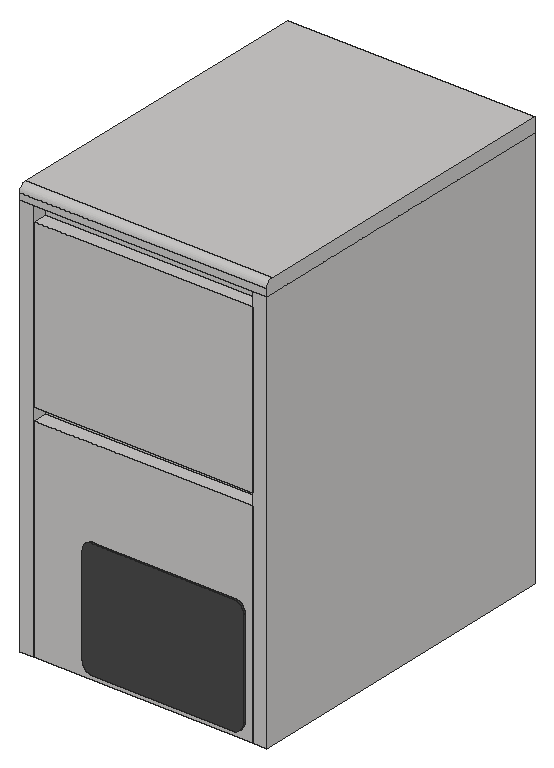
Revit family "QF_ELECTROLUXPROFESSIONAL_730309_ICA23I6SNP", category Attrezzature speciali, Revit 2018
Family settings
  Quota connettore circolare = Usa diametro
  Tipo di parte = Normale
  Basato su piano di lavoro = No
  Sempre verticale = Sì
  Taglio con vuoti quando caricato = No
  Condiviso = No
  Punto di calcolo locali = No
Parameters (values of type "Standard")
  Weight = 32.00 kg
  Watts = 1000 W
  Volts = 220 V
  URL Manufacturer = "https://www.electroluxprofessional.com/"
  URL = "https://www.electroluxprofessional.com/"
  Steam Supply Size = 0 mm
  Steam Supply Minimum Pressure = 0.0 Pa
  Steam Supply Maximum Pressure = 0.0 Pa
  Steam Pounds per Hour = 0
  Show Logo [instance] = yes
  Show Clearance [instance] = yes
  Refrigeration Suction Line Size = 0 mm
  Refrigeration Liquid Line Size = 0 mm
  Refrigerant Compressor Remote = yes
  Produttore = "Electrolux Professional"
  Phase = 1
  Modello = "ICA23I6SNP"
  Length Actual = 350 mm  # constant formula
  Item Number = "730309"
  Hot Water Size = 0 mm
  Height Actual = 601 mm  # constant formula
  HP = "1.3 HP"
  Gas Size = 0 mm
  Gas KW = 0
  Gas Input Pressure = 0 W
  Descrizione = "WATER COOLED ICE CUBER 14GR 23KG/24H-BIN 6KG"
  Depth Actual = 475 mm  # constant formula
  Cycle = 50 Hz
  Condensate Return Size = 0 mm
  Compressed Air Volume = 0.0 L/s
  Compressed Air Size = 0 mm
  Compressed Air Pressure = 0.0 Pa
  Cold Water Size = 19.05 mm
  Accessory = yes
Reference planes
  plane 1 "Center X": y = 272.851
  plane 2: z = 0
  plane 3 "Center Y": x = -501.5
  plane 4 "LEFT": x = -676.5
  plane 5 "RIGHT": x = -326.5
  plane 6 "FRONT": y = 35.351
  plane 7 "BACK": y = 510.351
  plane 8: z = 593
  plane 9: z = 573
  plane 10: x = -656.5
  plane 11: x = -346.5
  plane 12: y = 75.351
Forms (mm)
  Extrusion 1, solid, material "QF_Finishes_Black"
    sketch origin (-202.5, 35.351, 229.513) x (-1, 0, 0) y (0, 0, -1)
      loop
        arc (369, 54.513) -> (379.607, 58.907) -> (384, 69.513) r 15
        line (384, 69.513) -> (384, 207.469)
        arc (384, 207.469) -> (379.607, 218.075) -> (369, 222.469) r 15
        line (369, 222.469) -> (169.884, 222.469)
        arc (169.884, 222.469) -> (159.277, 218.075) -> (154.884, 207.469) r 15
        line (154.884, 207.469) -> (154.884, 69.513)
        arc (154.884, 69.513) -> (159.277, 58.907) -> (169.884, 54.513) r 15
        line (169.884, 54.513) -> (369, 54.513)
    from 0 to 2
  Extrusion 2, solid, material "QF_Finishes_Stainless Steel"
    sketch origin (-501.5, 0, 0) x (0, 1, 0) y (0, 0, 1)
      loop
        line (510.351, 573) -> (510.351, 593) -> (45.351, 593)
        arc (45.351, 593) -> (38.28, 590.071) -> (35.351, 583) r 10
        line (35.351, 583) -> (35.351, 573) -> (510.351, 573)
    from -175 to 175
  Extrusion 3, solid, material "QF_Finishes_Stainless Steel"
    sketch origin (-246.7, 510.351, -335.545) x (1, 0, 0) y (0, 0, -1)
      loop
        circle (-131.8, -500.545) r 10
    from 0 to 10
  Extrusion 4, solid, material "QF_Finishes_Stainless Steel"
    sketch origin (0, 0, 0) x (1, 0, 0) y (0, 1, 0)
      loop
        line (-676.5, 510.351) -> (-676.5, 35.351) -> (-656.5, 35.351) -> (-656.5, 510.351) -> (-676.5, 510.351)
    from 0 to 573
  Extrusion 5, solid, material "QF_Finishes_Stainless Steel"
    sketch origin (0, 0, 0) x (1, 0, 0) y (0, 1, 0)
      loop
        line (-346.5, 510.351) -> (-346.5, 35.351) -> (-326.5, 35.351) -> (-326.5, 510.351) -> (-346.5, 510.351)
    from 0 to 573
  Extrusion 6, solid, material "QF_Finishes_Stainless Steel"
    sketch origin (0, 0, 0) x (1, 0, 0) y (0, 1, 0)
      loop
        line (-656.5, 510.351) -> (-656.5, 75.351) -> (-346.5, 75.351) -> (-346.5, 510.351) -> (-656.5, 510.351)
    from 0 to 573
  Extrusion 7, solid, material "QF_Finishes_Stainless Steel"
    sketch origin (0, 0, 0) x (1, 0, 0) y (0, 1, 0)
      loop
        line (-656.5, 35.351) -> (-346.5, 35.351) -> (-346.5, 75.351) -> (-656.5, 75.351) -> (-656.5, 35.351)
    from 0 to 300.513
  Extrusion 8, solid, material "QF_Finishes_Stainless Steel"
    sketch origin (-501.5, 0, 0) x (0, 1, 0) y (0, 0, 1)
      loop
        line (75.351, 573) -> (55.351, 573) -> (55.351, 553) -> (35.351, 553) -> (35.351, 317.827) -> (55.351, 317.827) -> (55.351, 300.513) -> (75.351, 300.513) -> (75.351, 573)
    from -155 to 155
  Extrusion 9, solid, material "QF_Finishes_Stainless Steel"
    sketch origin (-238.7, 510.351, -454.545) x (1, 0, 0) y (0, 0, -1)
      loop
        circle (-131.8, -500.545) r 10
    from 0 to 10
  Extrusion 10, solid, material "QF_Finishes_Stainless Steel"
    sketch origin (-238.7, 510.351, -414.545) x (1, 0, 0) y (0, 0, -1)
      loop
        circle (-131.8, -500.545) r 10
    from 0 to 10
Lines and regions (mm)
  Split face 1
    outline origin (-656.5, 35.351, 0) x (1, 0, 0) y (0, 0, 1)
      loop
        line (12.141, 175) -> (12.141, 147.424) -> (57.141, 147.424) -> (57.141, 175) -> (12.141, 175)
  symbolic lines
    curve 1: line (-676.5, 510.351, 0) -> (-326.5, 510.351, 0)
    curve 2: line (-676.5, 35.351, 0) -> (-676.5, 510.351, 0)
    curve 3: line (-326.5, 35.351, 0) -> (-676.5, 35.351, 0)
    curve 4: line (-326.5, 510.351, 0) -> (-326.5, 35.351, 0)
Dimensions and locks
  equal spacing: plane 4 "LEFT", plane 3 "Center Y", plane 5 "RIGHT"
  plane 4 "LEFT" to plane 5 "RIGHT" = 350 mm
  equal spacing: plane 7 "BACK", plane 1 "Center X", plane 6 "FRONT"
  plane 7 "BACK" to plane 6 "FRONT" = 475 mm
  plane 8 to plane 2 = 593 mm
  locked: plane 4 "LEFT" to plane 10 at 20
  locked: plane 11 to plane 5 "RIGHT" at 20
  locked: plane 8 to plane 9 at 20
  locked: plane 12 to plane 6 "FRONT" at 40
  aligned and locked: level to plane 2
  aligned and locked: plane 5 "RIGHT" to Extrusion 2
  aligned and locked: Extrusion 2 to plane 4 "LEFT"
  aligned and locked: Extrusion 4 sketch curve to Extrusion 2  (x2)
  aligned and locked: plane 6 "FRONT" to Extrusion 4 sketch curve
  aligned and locked: Extrusion 4 sketch curve to plane 10
  aligned and locked: Extrusion 5 sketch curve to plane 7 "BACK"
  aligned and locked: plane 11 to Extrusion 5 sketch curve
  aligned and locked: Extrusion 5 sketch curve to Extrusion 2  (x2)
  aligned and locked: plane 9 to Extrusion 4
  aligned and locked: plane 9 to Extrusion 5
  aligned and locked: Extrusion 6 sketch curve to Extrusion 4
  aligned and locked: Extrusion 4 to Extrusion 6 sketch curve
  aligned and locked: plane 12 to Extrusion 6 sketch curve
  aligned and locked: Extrusion 6 sketch curve to plane 11
  aligned and locked: plane 9 to Extrusion 6
  aligned and locked: Extrusion 4 to Extrusion 7 sketch curve
  aligned and locked: Extrusion 7 sketch curve to Extrusion 4
  aligned and locked: plane 12 to Extrusion 7 sketch curve
  aligned and locked: plane 11 to Extrusion 7 sketch curve
  aligned and locked: plane 11 to Extrusion 8
  aligned and locked: Extrusion 8 to plane 10
Automatic sketch dimensions
  curve 3 to plane 4 "LEFT" = 0 mm
  curve 3 to plane 5 "RIGHT" = 0 mm
  curve 3 to plane 6 "FRONT" = 0 mm
  curve 2 to plane 7 "BACK" = 0 mm
  Extrusion 1 sketch curve to plane 11 = 10.884 mm
  Extrusion 1 sketch curve to Extrusion 1 sketch curve = 15 mm  (x3)
  plane 10 to Extrusion 1 sketch curve = 85 mm  (x2)
  Extrusion 1 sketch curve to Extrusion 1 sketch curve = 137.956 mm
  Extrusion 2 sketch curve to plane 6 "FRONT" = 0 mm
  Extrusion 2 sketch curve to plane 8 = 0 mm
  Extrusion 2 sketch curve to plane 7 "BACK" = 0 mm
  Extrusion 2 sketch curve to plane 9 = 0 mm
  plane 6 "FRONT" to Extrusion 2 sketch curve = 10 mm
  Extrusion 6 to Extrusion 3 sketch curve = 165 mm
  Extrusion 3 sketch curve to Extrusion 6 = 32 mm
  Extrusion 8 sketch curve to plane 6 "FRONT" = 0 mm
  Extrusion 8 sketch curve to plane 9 = 0 mm
  Extrusion 8 sketch curve to plane 12 = 0 mm
  plane 6 "FRONT" to Extrusion 8 sketch curve = 20 mm  (x2)
  Extrusion 8 sketch curve to plane 9 = 20 mm
  Extrusion 8 sketch curve to Extrusion 8 sketch curve = 235.173 mm
  Extrusion 8 sketch curve to Extrusion 8 sketch curve = 17.313 mm
  Extrusion 9 sketch curve to Extrusion 6 = 24 mm
  Extrusion 6 to Extrusion 9 sketch curve = 46 mm
  Extrusion 10 sketch curve to Extrusion 6 = 24 mm
  Extrusion 6 to Extrusion 10 sketch curve = 86 mm
  level to Extrusion 1 sketch curve = 175 mm
  Split face 1 sketch curve to Extrusion 7 = 12.141 mm
  Split face 1 sketch curve to Split face 1 sketch curve = 45 mm
  Split face 1 sketch curve to Extrusion 7 = 147.424 mm
  Split face 1 sketch curve to Split face 1 sketch curve = 27.576 mm
  radius of Extrusion 3 sketch curve = 10 mm
  radius of Extrusion 9 sketch curve = 10 mm
  radius of Extrusion 10 sketch curve = 10 mm
Connectors
  electrical at (-370.5, 520.351, 46), driven by "Volts"
    settings: on Extrusion 9, index 1, voltage 220 V, apparent load 0 VA, apparent load phase1 0 VA, apparent load phase2 0 VA, apparent load phase3 0 VA, power factor 1, load classification "Altro", number of poles 1, system type 30, power factor state 1, is connector primary yes, connector utility no, sub classification motor no, connector description "Electrical Connection"
  piping at (-378.5, 520.351, 165), diameter 20
    settings: on Extrusion 3, index 2, connector inside diameter 609.6 mm, connector length 0 mm, flow factor 0, pipe flow 0.0 L/s, pressure drop 0.0 Pa, fitting loss kfactor 0, connector angle 0.00°, fixture units 0, engagement length 0 mm, angle of deflection 0.00°, flow configuration 0, flow direction 0, fitting loss method 0, system type 20, joint type 0, gender type 0, connector reference index -1, connector utility 0, adjustable connector no, is connector primary yes, connector description "Cold water"
  piping at (-370.5, 520.351, 86), diameter 20
    settings: on Extrusion 10, index 3, connector inside diameter 609.6 mm, connector length 0 mm, flow factor 0, pipe flow 0.0 L/s, pressure drop 0.0 Pa, fitting loss kfactor 0, connector angle 0.00°, fixture units 0, engagement length 0 mm, angle of deflection 0.00°, flow configuration 0, flow direction 0, fitting loss method 0, system type 16, joint type 0, gender type 0, connector reference index -1, connector utility 0, adjustable connector no, is connector primary no, connector description "Drain"
